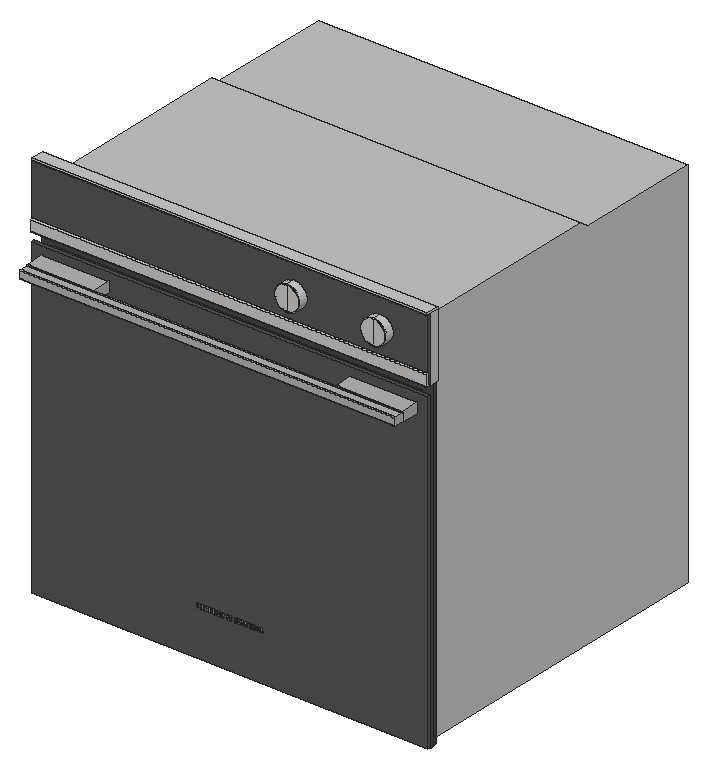
Revit family "FP-Revit18-OB60SD9PX2-Oven-0-AU-90002668A", category Specialty Equipment, Revit 2018
Family settings
  Round Connector Dimension = Use Diameter
  Part Type = Normal
  OmniClass Number = 23.40.40.14.17.11
  OmniClass Title = Cookers, Ovens, Stoves
  Work Plane-Based = No
  Always vertical = Yes
  Cut with Voids When Loaded = Yes
  Shared = No
  Room Calculation Point = No
Parameters (values of type "OB60SD9PX2")
  Visibility - Clearance Required = yes
  URL = "www.fisherpaykel.com"
  Product - Width = 596 mm  # constant formula
  Product - Height = 598 mm  # constant formula
  Product - Depth = 565 mm  # constant formula
  Model = "OB60SD9PX2"
  Material - Trim = Fisher & Paykel - Stainless Steel
  Material - Structure = Fisher & Paykel - Black
  Material - Logo = Fisher & Paykel - Graphics Grey
  Material - Handle = Fisher & Paykel - Aluminium
  Material - Glass = Fisher & Paykel - Glass, Black
  Material - Buttons and Dials = Fisher & Paykel - Stainless Steel
  Material - Body = Fisher & Paykel - Grey
  Manufacturer = "Fisher & Paykel Appliances"
  FFL Offset [instance] = 200 mm
  Description = "60cm Built-In Oven"
  Connector Note - Electrical = "220-240 V, 12.8-13.8 A, 50 Hz"
  Chassis - Width = 556 mm  # constant formula
  Chassis - Height = 575 mm  # constant formula
  Chassis - Depth = 545 mm  # constant formula
  Cavity - Width = 560 mm  # constant formula
  Cavity - Height = 580 mm  # constant formula
  Cavity - Depth = 550 mm  # constant formula
Reference planes
  plane 1 "Datum": y = 0
  plane 2: z = 0
  plane 3 "Center (Left/Right)": x = 0
  plane 4 "Cavity": z = 780
  plane 5 "Product Height": z = 798
  plane 6 "Product LHS": x = -298
  plane 7 "Product RHS": x = 298
  plane 8 "Cavity LHS": x = -300
  plane 9 "Cavity RHS": x = 300
  plane 10 "Cavity - Depth": y = 550
  plane 11 "Product Depth": y = 545
  plane 12 "Front Face": y = -20
  plane 13 "FFL Offset": z = 200
  plane 14 "Cavity Height": z = 800
Forms (mm)
  Extrusion 1, solid, material "Fisher & Paykel - Grey" <- "Material - Body"
    sketch origin (0, 0, 0) x (0, 1, 0) y (0, 0, 1)
      loop
        line (0, 200) -> (525, 200) -> (525, 393.99) -> (545, 413.99) -> (545, 609.73) -> (495, 659.73) -> (495, 764.6) -> (307.721, 764.6) -> (293.958, 775) -> (0, 775) -> (0, 200)
    from -278 to 278
  Extrusion 2, void
    sketch origin (0, 0, 0) x (1, 0, 0) y (0, 1, 0)
      loop
        line (-278, 495) -> (-229.13, 495) -> (-179.13, 545) -> (-278, 545) -> (-278, 495)
      loop
        line (278, 495) -> (278, 545) -> (94.617, 545) -> (114.617, 525) -> (199.13, 525) -> (229.13, 495) -> (278, 495)
    from 200 to 764.6
  Extrusion 3, solid, material "Fisher & Paykel - Stainless Steel" <- "Material - Trim"
    sketch origin (0, 0, 0) x (0, 1, 0) y (0, 0, 1)
      loop
        line (0, 798) -> (-20.5, 798) -> (-20.5, 795.1) -> (0, 795.1) -> (0, 798)
    from -297.7 to 297.7
  Extrusion 4, solid, material "Fisher & Paykel - Grey" <- "Material - Body"
    sketch origin (0, 0, 0) x (0, 1, 0) y (0, 0, 1)
      loop
        line (-16, 795.1) -> (-16, 698) -> (0, 698) -> (0, 795.1) -> (-16, 795.1)
    from -297.7 to 297.7
  Extrusion 5, solid, material "Fisher & Paykel - Glass, Black" <- "Material - Glass"
    sketch origin (0, 0, 0) x (1, 0, 0) y (0, 0, 1)
      loop
        line (-298, 685.199) -> (-298, 210.2) -> (298, 210.2) -> (298, 685.199) -> (-298, 685.199)
      loop
        line (-298, 699.5) -> (298, 699.5) -> (298, 794.5) -> (-298, 794.5) -> (-298, 699.5)
    from 16 to 20
  Extrusion 6, solid, material "Fisher & Paykel - Black" <- "Material - Structure"
    sketch origin (0, 0, 0) x (0, 1, 0) y (0, 0, 1)
      loop
        line (-13.8, 683.7) -> (-16, 683.7) -> (-16, 224.7) -> (-5, 224.7) -> (-5, 680.497) -> (-13.8, 683.7)
    from -277 to 277
  Extrusion 7, solid, material "Fisher & Paykel - Black" <- "Material - Structure"
    sketch origin (0, 0, 0) x (1, 0, 0) y (0, 0, 1)
      loop
        line (-295, 698) -> (-295, 209.536)
        arc (-295, 209.536) -> (-292.207, 202.793) -> (-285.464, 200) r 9.536
        line (-285.464, 200) -> (285.5, 200)
        arc (285.5, 200) -> (292.218, 202.782) -> (295, 209.5) r 9.5
        line (295, 209.5) -> (295, 698) -> (-295, 698)
    from 0 to 5
  Extrusion 8, solid, material "Fisher & Paykel - Clearance Required", visible <- "Visibility - Clearance Required", detail levels coarse
    sketch origin (0, 0, 0) x (0, 1, 0) y (0, 0, 1)
      loop
        line (0, 800) -> (-20, 800) -> (-20, 685.209)
        arc (-20, 685.209) -> (-337.933, 557.68) -> (-479.244, 245.63) r 459.403
        line (-479.244, 245.63) -> (-453.189, 243.685) -> (-456.314, 201.82) -> (-440.353, 200.629) -> (-437.21, 242.732) -> (-20, 211.593) -> (-20, 200) -> (0, 200) -> (0, 800)
    from -300 to 300
  Extrusion 9, solid, material "Fisher & Paykel - Clearance Required", visible <- "Visibility - Clearance Required", detail levels coarse
    sketch origin (0, 0, 0) x (1, 0, 0) y (0, 1, 0)
      loop
        line (-280, 0) -> (280, 0) -> (280, 550) -> (-280, 550) -> (-280, 0)
    from 200 to 780
  Extrusion 10, void
    sketch origin (0, 0, 0) x (1, 0, 0) y (0, 1, 0)
      loop
        line (-300, -20) -> (300, -20) -> (300, 0) -> (-300, 0) -> (-300, -20)
    from 200 to 800
  Extrusion 11, solid, material "Fisher & Paykel - Stainless Steel" <- "Material - Trim", detail levels fine
    sketch origin (0, 0, 0) x (0, 1, 0) y (0, 0, 1)
      loop
        line (-21.7, 715.595) -> (-21.7, 699.2)
        arc (-21.7, 699.2) -> (-21.349, 698.351) -> (-20.5, 698) r 1.2
        line (-20.5, 698) -> (-17.526, 698) -> (-17.526, 699.5) -> (-20, 699.5) -> (-20, 717.643) -> (-20.789, 717.643) -> (-21.7, 715.595)
    from -298 to 298
  Extrusion 12, void
    sketch origin (0, 0, 0) x (1, 0, 0) y (0, 1, 0)
      loop
        line (-280, 550) -> (-280, 0) -> (280, 0) -> (280, 550) -> (-280, 550)
    from 200 to 780
  Extrusion 13, solid, material "Fisher & Paykel - Stainless Steel" <- "Material - Buttons and Dials", detail levels coarse+medium
    sketch origin (0, 0, 0) x (1, 0, 0) y (0, 0, 1)
      loop
        circle (227, 752.85) r 19
      loop
        circle (97, 752.85) r 19
    from 20 to 33.5
  Extrusion 14, solid, material "Fisher & Paykel - Aluminium" <- "Material - Handle", detail levels fine
    sketch origin (0, -21, 664.221) x (0, 1, 0) y (0, 0, 1)
      loop
        arc (-26.813, 6.16) -> (-27.196, 6.554) -> (-27.728, 6.686) r 1
        line (-27.728, 6.686) -> (-40.035, 6.256)
        arc (-40.035, 6.256) -> (-40.719, 5.951) -> (-41, 5.257) r 1
        line (-41, 5.257) -> (-41, -5.257)
        arc (-41, -5.257) -> (-40.719, -5.951) -> (-40.035, -6.256) r 1
        line (-40.035, -6.256) -> (-27.709, -6.686)
        arc (-27.709, -6.686) -> (-27.175, -6.554) -> (-26.792, -6.158) r 1
        arc (-26.792, -6.158) -> (-25.256, 0.004) -> (-26.813, 6.16) r 13.038
    from -282.5 to 282.5
  Extrusion 15, solid, material "Fisher & Paykel - Aluminium" <- "Material - Handle", detail levels fine
    sketch origin (0, -21, 664.221) x (0, 1, 0) y (0, 0, 1)
      loop
        arc (-26.626, -6.008) -> (-26.614, -6.49) -> (-26.2, -6.737) r 0.5
        line (-26.2, -6.737) -> (1, -7.732) -> (1, 7.741) -> (-26.174, 6.747)
        arc (-26.174, 6.747) -> (-26.587, 6.5) -> (-26.6, 6.019) r 0.5
        arc (-26.6, 6.019) -> (-25.156, 0.002) -> (-26.626, -6.008) r 13.136
    from 182.5 to 282.5
  Extrusion 16, solid, material "Fisher & Paykel - Aluminium" <- "Material - Handle", detail levels coarse+medium
    sketch origin (0, -21, 664.221) x (1, 0, 0) y (0, 1, 0)
      loop
        line (-282.5, -41) -> (282.5, -41) -> (282.5, 1) -> (182.5, 1) -> (182.5, -26.156) -> (-182.5, -26.156) -> (-182.5, 1) -> (-282.5, 1) -> (-282.5, -41)
    from -8.022 to 7.978
  Extrusion 17, solid, material "Fisher & Paykel - Aluminium" <- "Material - Handle", detail levels fine
    sketch origin (0, -21, 664.221) x (0, 1, 0) y (0, 0, 1)
      loop
        arc (-26.626, -6.008) -> (-26.614, -6.49) -> (-26.2, -6.737) r 0.5
        line (-26.2, -6.737) -> (1, -7.732) -> (1, 7.741) -> (-26.174, 6.747)
        arc (-26.174, 6.747) -> (-26.587, 6.5) -> (-26.6, 6.019) r 0.5
        arc (-26.6, 6.019) -> (-25.156, 0.002) -> (-26.626, -6.008) r 13.136
    from -282.5 to -182.5
  Extrusion 18, solid, material "Fisher & Paykel - Aluminium" <- "Material - Handle", not visible, detail levels fine
    sketch origin (0, -22, 652) x (0, 1, 0) y (0, 0, 1)
      loop
        arc (-26.813, 6.16) -> (-27.196, 6.554) -> (-27.728, 6.686) r 1
        line (-27.728, 6.686) -> (-40.035, 6.256)
        arc (-40.035, 6.256) -> (-40.719, 5.951) -> (-41, 5.257) r 1
        line (-41, 5.257) -> (-41, -5.257)
        arc (-41, -5.257) -> (-40.719, -5.951) -> (-40.035, -6.256) r 1
        line (-40.035, -6.256) -> (-27.709, -6.686)
        arc (-27.709, -6.686) -> (-27.175, -6.554) -> (-26.792, -6.158) r 1
        arc (-26.792, -6.158) -> (-25.256, 0.004) -> (-26.813, 6.16) r 13.038
    from -282.5 to 282.5
  Extrusion 19, solid, material "Fisher & Paykel - Aluminium" <- "Material - Handle", not visible, detail levels fine
    sketch origin (0, -22, 652) x (0, 1, 0) y (0, 0, 1)
      loop
        arc (-26.626, -6.008) -> (-26.614, -6.49) -> (-26.2, -6.737) r 0.5
        line (-26.2, -6.737) -> (1, -7.732) -> (1, 7.741) -> (-26.174, 6.747)
        arc (-26.174, 6.747) -> (-26.587, 6.5) -> (-26.6, 6.019) r 0.5
        arc (-26.6, 6.019) -> (-25.156, 0.002) -> (-26.626, -6.008) r 13.136
    from 182.5 to 282.5
  Extrusion 20, solid, material "Fisher & Paykel - Aluminium" <- "Material - Handle", not visible, detail levels coarse+medium
    sketch origin (0, -22, 652) x (1, 0, 0) y (0, 1, 0)
      loop
        line (-282.5, -41) -> (282.5, -41) -> (282.5, 1) -> (182.5, 1) -> (182.5, -26.156) -> (-182.5, -26.156) -> (-182.5, 1) -> (-282.5, 1) -> (-282.5, -41)
    from -8.022 to 7.978
  Extrusion 21, solid, material "Fisher & Paykel - Aluminium" <- "Material - Handle", not visible, detail levels fine
    sketch origin (0, -22, 652) x (0, 1, 0) y (0, 0, 1)
      loop
        arc (-26.626, -6.008) -> (-26.614, -6.49) -> (-26.2, -6.737) r 0.5
        line (-26.2, -6.737) -> (1, -7.732) -> (1, 7.741) -> (-26.174, 6.747)
        arc (-26.174, 6.747) -> (-26.587, 6.5) -> (-26.6, 6.019) r 0.5
        arc (-26.6, 6.019) -> (-25.156, 0.002) -> (-26.626, -6.008) r 13.136
    from -282.5 to -182.5
  Extrusion 22, solid, material "Fisher & Paykel - Graphics Grey" <- "Material - Logo", detail levels fine
    sketch origin (0, -20, 278.956) x (1, 0, 0) y (0, 0, 1)
      loop
        line (-49.544, 0) -> (-47.97, 0) -> (-47.97, 2.138) -> (-45.511, 2.138) -> (-45.511, 3.472) -> (-47.97, 3.472) -> (-47.97, 4.712) -> (-45.295, 4.712) -> (-45.295, 6.04) -> (-49.544, 6.04) -> (-49.544, 0)
      loop
        line (-42.304, 6.04) -> (-42.304, 0) -> (-40.73, 0) -> (-40.73, 6.04) -> (-42.304, 6.04)
      loop
        line (-30.224, 6.04) -> (-30.224, 0) -> (-28.651, 0) -> (-28.651, 2.42) -> (-26.339, 2.42) -> (-26.339, 0) -> (-24.765, 0) -> (-24.765, 6.04) -> (-26.339, 6.04) -> (-26.339, 3.748) -> (-28.651, 3.748) -> (-28.651, 6.04) -> (-30.224, 6.04)
      loop
        line (-21.406, 6.04) -> (-21.406, 0) -> (-17.102, 0) -> (-17.102, 1.328) -> (-19.847, 1.328) -> (-19.847, 2.42) -> (-17.338, 2.42) -> (-17.338, 3.748) -> (-19.847, 3.748) -> (-19.847, 4.712) -> (-17.102, 4.712) -> (-17.102, 6.04) -> (-21.406, 6.04)
      loop
        line (46.167, 6.04) -> (46.167, 0) -> (50.456, 0) -> (50.456, 1.328) -> (47.741, 1.328) -> (47.741, 6.04) -> (46.167, 6.04)
      loop
        line (42.931, 6.04) -> (38.612, 6.04) -> (38.612, 0) -> (42.931, 0) -> (42.931, 1.328) -> (40.187, 1.328) -> (40.187, 2.42) -> (42.695, 2.42) -> (42.695, 3.748) -> (40.187, 3.748) -> (40.187, 4.712) -> (42.931, 4.712) -> (42.931, 6.04)
      loop
        line (33.951, 3.148) -> (36.183, 6.04) -> (34.344, 6.04) -> (32.415, 3.542) -> (32.415, 6.04) -> (30.842, 6.04) -> (30.842, 0) -> (32.415, 0) -> (32.415, 2.705) -> (34.403, 0) -> (36.263, 0) -> (33.951, 3.148)
      loop
        line (22.48, 6.04) -> (24.762, 2.42) -> (24.762, 0) -> (26.337, 0) -> (26.337, 2.341) -> (28.619, 6.04) -> (26.946, 6.04) -> (25.599, 3.707) -> (24.253, 6.04) -> (22.48, 6.04)
      loop
        line (18.979, 6.04) -> (17.483, 6.04) -> (15.024, 0) -> (16.569, 0) -> (17.001, 1.112) -> (19.421, 1.112) -> (19.854, 0) -> (21.438, 0) -> (18.979, 6.04)
      loop
        line (18.9, 2.439) -> (18.193, 4.174) -> (17.518, 2.439) -> (18.9, 2.439)
      loop
        line (8.531, 6.04) -> (8.531, 0) -> (10.105, 0) -> (10.105, 1.938) -> (11.099, 1.938)
        arc (11.099, 1.938) -> (13.15, 3.989) -> (11.099, 6.04) r 2.051
        line (11.099, 6.04) -> (8.531, 6.04)
      loop
        line (10.105, 4.712) -> (10.105, 3.197) -> (11.001, 3.197)
        arc (11.001, 3.197) -> (11.759, 3.954) -> (11.001, 4.712) r 0.757
        line (11.001, 4.712) -> (10.105, 4.712)
      loop
        line (-11.283, 6.04) -> (-13.866, 6.04) -> (-13.866, 0) -> (-12.292, 0) -> (-12.292, 1.336) -> (-11.492, 1.336) -> (-10.472, 0) -> (-8.653, 0) -> (-10.194, 1.973)
        arc (-10.194, 1.973) -> (-9.178, 4.424) -> (-11.283, 6.04) r 2.179
      loop
        line (-11.397, 4.712) -> (-12.292, 4.712) -> (-12.292, 3.053) -> (-11.397, 3.053)
        arc (-11.397, 3.053) -> (-10.568, 3.882) -> (-11.397, 4.712) r 0.83
      loop
        line (0.977, 4.712) -> (0.977, 6.153) -> (-3.075, 6.153) -> (-3.075, 4.851) -> (-2.474, 4.112)
        arc (-2.474, 4.112) -> (-3.01, 0.684) -> (0.455, 0.512) r 2.334
        line (0.455, 0.512) -> (0.96, -0.109) -> (2.746, -0.109) -> (1.36, 1.594) -> (2.561, 3.324) -> (0.943, 3.324) -> (0.487, 2.667) -> (-1.177, 4.712) -> (0.977, 4.712)
      loop
        arc (-1.625, 3.068) -> (-1.769, 1.668) -> (-0.368, 1.524) r 0.996
        line (-0.368, 1.524) -> (-1.625, 3.068)
      loop
        line (-34.68, 3.634) -> (-36.016, 3.91)
        arc (-36.016, 3.91) -> (-36.549, 4.443) -> (-36.016, 4.976) r 0.533
        arc (-36.016, 4.976) -> (-34.735, 4.79) -> (-33.559, 4.248) r 4.505
        line (-33.559, 4.248) -> (-33.559, 5.743)
        arc (-33.559, 5.743) -> (-35.049, 6.179) -> (-36.6, 6.109) r 4.726
        arc (-36.6, 6.109) -> (-38.036, 4.335) -> (-36.6, 2.561) r 1.814
        line (-36.6, 2.561) -> (-35.254, 2.282)
        arc (-35.254, 2.282) -> (-34.721, 1.749) -> (-35.254, 1.216) r 0.533
        arc (-35.254, 1.216) -> (-36.535, 1.402) -> (-37.711, 1.945) r 4.505
        line (-37.711, 1.945) -> (-37.711, 0.449)
        arc (-37.711, 0.449) -> (-36.22, 0.013) -> (-34.669, 0.083) r 4.726
        arc (-34.669, 0.083) -> (-33.234, 1.863) -> (-34.68, 3.634) r 1.814
    from 0 to 0.8
  Extrusion 23, solid, material "Fisher & Paykel - Grey" <- "Material - Body"
    sketch origin (154.861, 0, 0) x (0, 1, 0) y (0, 0, 1)
      loop
        circle (504.5, 703) r 4
    from -410 to -372.861
  Extrusion 24, solid, material "Fisher & Paykel - Grey" <- "Material - Body"
    sketch origin (154.861, 0, 0) x (0, 1, 0) y (0, 0, 1)
      loop
        line (495, 683) -> (514, 683) -> (514, 736) -> (495, 736) -> (495, 683)
    from -372.861 to -289.861
  Revolve 25, solid, material "Fisher & Paykel - Stainless Steel" <- "Material - Buttons and Dials", detail levels fine
    sketch origin (97, 0, 0) x (0, 1, 0) y (0, 0, 1)
      loop
        line (-33.5, 752.85) -> (-20, 752.85) -> (-20, 771.647) -> (-32.852, 771.647) -> (-33.5, 771) -> (-33.5, 752.85)
      axis (-20, 752.85) -> (-33.5, 752.85)
    angle from 0 to 360
  Revolve 26, solid, material "Fisher & Paykel - Stainless Steel" <- "Material - Buttons and Dials", detail levels fine
    sketch origin (227, 0, 0) x (0, 1, 0) y (0, 0, 1)
      loop
        line (-33.5, 752.85) -> (-20, 752.85) -> (-20, 771.647) -> (-32.852, 771.647) -> (-33.5, 771) -> (-33.5, 752.85)
      axis (-20, 752.85) -> (-33.5, 752.85)
    angle from 0 to 360
Cuts and joins
  Extrusion 2 cuts Extrusion 1
Lines and regions (mm)
  model lines, style "Fisher & Paykel"
    curve 1: line (217, -20, 334) -> (-217, -20, 334)
    curve 2: line (217, -20, 617.236) -> (217, -20, 334)
    curve 3: line (-217, -20, 617.236) -> (217, -20, 617.236)
    curve 4: line (-217, -20, 334) -> (-217, -20, 617.236)
Text (mm)
  text "Due to ongoing product development, product details are subject to change without notice. \nPlease always refer to www.fisherpaykel.com for the most current product information. \n© Fisher & Paykel 2020" at (40.64, -604.808, 0), in view "Ref. Level (Plan)"
Dimensions and locks
  equal spacing: plane 6 "Product LHS", plane 3 "Center (Left/Right)", plane 7 "Product RHS"
  "Product - Width": plane 6 "Product LHS" to plane 7 "Product RHS"
  equal spacing: plane 8 "Cavity LHS", plane 3 "Center (Left/Right)", plane 9 "Cavity RHS"
  "Cavity - Depth": plane 10 "Cavity - Depth" to plane 1 "Datum"
  "Chassis - Depth": plane 11 "Product Depth" to plane 1 "Datum"
  plane 12 "Front Face" to plane 1 "Datum" = 20 mm
  "Product - Depth": plane 11 "Product Depth" to plane 12 "Front Face"
  "FFL Offset": plane 13 "FFL Offset" to level
  "Product - Height": plane 5 "Product Height" to plane 13 "FFL Offset"
  "Cavity - Height": plane 4 "Cavity" to plane 13 "FFL Offset"
  Extrusion 5 to plane 13 "FFL Offset" = 10.2 mm
  Extrusion 6 to plane 13 "FFL Offset" = 24.7 mm
  locked: plane 5 "Product Height" to cut or joined group of Extrusion 1, Extrusion 2 at 33.4
  locked: plane 14 "Cavity Height" to plane 13 "FFL Offset" at 600
  locked: Extrusion 22 to plane 13 "FFL Offset" at 78.847
  equal spacing: Extrusion 9, plane 3 "Center (Left/Right)", Extrusion 9
  "Cavity - Width": Extrusion 9 to Extrusion 9
  "Chassis - Width": cut or joined group of Extrusion 1, Extrusion 2 to cut or joined group of Extrusion 1, Extrusion 2
  locked: Extrusion 16 to plane 13 "FFL Offset" at 472.199
  equal spacing: cut or joined group of Extrusion 1, Extrusion 2, plane 3 "Center (Left/Right)", cut or joined group of Extrusion 1, Extrusion 2
  aligned and locked: level to plane 2
  aligned and locked: Extrusion 1 sketch curve to plane 13 "FFL Offset"
  aligned and locked: Extrusion 1 to Extrusion 2
  aligned and locked: Extrusion 2 to Extrusion 1
  aligned and locked: plane 13 "FFL Offset" to Extrusion 8 sketch curve
  aligned and locked: plane 13 "FFL Offset" to Extrusion 7 sketch curve
  aligned and locked: Extrusion 12 to cut or joined group of Extrusion 1, Extrusion 2
  aligned and locked: plane 4 "Cavity" to Extrusion 12
  aligned and locked: plane 4 "Cavity" to Extrusion 9
  aligned and locked: Extrusion 9 to cut or joined group of Extrusion 1, Extrusion 2
  aligned and locked: Extrusion 10 to cut or joined group of Extrusion 1, Extrusion 2
  aligned and locked: Extrusion 10 to Extrusion 7
  aligned and locked: plane 14 "Cavity Height" to Extrusion 10
  aligned and locked: Extrusion 12 to Extrusion 9  (x2)
Automatic sketch dimensions
  Extrusion 14 sketch curve to Extrusion 14 sketch curve = 0.965 mm  (x2)
  Extrusion 14 sketch curve to Extrusion 14 sketch curve = 0.035 mm  (x4)
  Extrusion 14 sketch curve to Extrusion 14 sketch curve = 1.706 mm
  Extrusion 14 sketch curve to Extrusion 14 sketch curve = 12.307 mm
  Extrusion 14 sketch curve to Extrusion 14 sketch curve = 12.326 mm
  Extrusion 14 sketch curve to Extrusion 14 sketch curve = 0.999 mm  (x2)
  Extrusion 14 sketch curve to Extrusion 14 sketch curve = 5.238 mm
  Extrusion 14 sketch curve to Extrusion 14 sketch curve = 0 mm
  Extrusion 15 sketch curve to Extrusion 15 sketch curve = 12.091 mm
  Extrusion 15 sketch curve to Extrusion 15 sketch curve = 0.018 mm  (x2)
  Extrusion 15 sketch curve to Extrusion 15 sketch curve = 0.008 mm
  Extrusion 15 sketch curve to Extrusion 15 sketch curve = 27.174 mm
  Extrusion 15 sketch curve to Extrusion 15 sketch curve = 15.473 mm
  Extrusion 15 sketch curve to Extrusion 15 sketch curve = 0.5 mm  (x2)
  Extrusion 15 sketch curve to Extrusion 15 sketch curve = 0 mm
  Extrusion 16 sketch curve to Extrusion 16 sketch curve = 14.844 mm
  Extrusion 16 sketch curve to Extrusion 16 sketch curve = 27.156 mm  (x2)
  Extrusion 17 sketch curve to Extrusion 17 sketch curve = 12.091 mm
  Extrusion 17 sketch curve to Extrusion 17 sketch curve = 0.018 mm  (x2)
  Extrusion 17 sketch curve to Extrusion 17 sketch curve = 0.008 mm
  Extrusion 17 sketch curve to Extrusion 17 sketch curve = 27.174 mm
  Extrusion 17 sketch curve to Extrusion 17 sketch curve = 15.473 mm
  Extrusion 17 sketch curve to Extrusion 17 sketch curve = 0.5 mm  (x2)
  Extrusion 17 sketch curve to Extrusion 17 sketch curve = 0 mm
  Extrusion 14 sketch curve to Extrusion 14 sketch curve = 0.43 mm
  Extrusion 14 sketch curve to Extrusion 14 sketch curve = 5.275 mm
  Extrusion 14 sketch curve to Extrusion 14 sketch curve = 11.374 mm
  Extrusion 15 sketch curve to Extrusion 15 sketch curve = 0.995 mm
  Extrusion 15 sketch curve to Extrusion 15 sketch curve = 6.268 mm
  Extrusion 15 sketch curve to Extrusion 15 sketch curve = 12.255 mm
  Extrusion 16 sketch curve to Extrusion 16 sketch curve = 100 mm  (x2)
  Extrusion 16 sketch curve to Extrusion 16 sketch curve = 365 mm
  Extrusion 17 sketch curve to Extrusion 17 sketch curve = 0.995 mm
  Extrusion 17 sketch curve to Extrusion 17 sketch curve = 6.268 mm
  Extrusion 17 sketch curve to Extrusion 17 sketch curve = 12.255 mm
  Extrusion 18 sketch curve to Extrusion 18 sketch curve = 0.965 mm  (x2)
  Extrusion 18 sketch curve to Extrusion 18 sketch curve = 0.035 mm  (x4)
  Extrusion 18 sketch curve to Extrusion 18 sketch curve = 1.706 mm
  Extrusion 18 sketch curve to Extrusion 18 sketch curve = 12.307 mm
  Extrusion 18 sketch curve to Extrusion 18 sketch curve = 12.326 mm
  Extrusion 18 sketch curve to Extrusion 18 sketch curve = 0.999 mm  (x2)
  Extrusion 18 sketch curve to Extrusion 18 sketch curve = 5.238 mm
  Extrusion 18 sketch curve to Extrusion 18 sketch curve = 0 mm
  Extrusion 19 sketch curve to Extrusion 19 sketch curve = 12.091 mm
  Extrusion 19 sketch curve to Extrusion 19 sketch curve = 0.018 mm  (x2)
  Extrusion 19 sketch curve to Extrusion 19 sketch curve = 0.008 mm
  Extrusion 19 sketch curve to Extrusion 19 sketch curve = 27.174 mm
  Extrusion 19 sketch curve to Extrusion 19 sketch curve = 15.473 mm
  Extrusion 19 sketch curve to Extrusion 19 sketch curve = 0.5 mm  (x2)
  Extrusion 19 sketch curve to Extrusion 19 sketch curve = 0 mm
  Extrusion 20 sketch curve to Extrusion 20 sketch curve = 14.844 mm
  Extrusion 20 sketch curve to Extrusion 20 sketch curve = 27.156 mm  (x2)
  Extrusion 21 sketch curve to Extrusion 21 sketch curve = 12.091 mm
  Extrusion 21 sketch curve to Extrusion 21 sketch curve = 0.018 mm  (x2)
  Extrusion 21 sketch curve to Extrusion 21 sketch curve = 0.008 mm
  Extrusion 21 sketch curve to Extrusion 21 sketch curve = 27.174 mm
  Extrusion 21 sketch curve to Extrusion 21 sketch curve = 15.473 mm
  Extrusion 21 sketch curve to Extrusion 21 sketch curve = 0.5 mm  (x2)
  Extrusion 21 sketch curve to Extrusion 21 sketch curve = 0 mm
  Extrusion 18 sketch curve to Extrusion 18 sketch curve = 0.43 mm
  Extrusion 18 sketch curve to Extrusion 18 sketch curve = 5.275 mm
  Extrusion 18 sketch curve to Extrusion 18 sketch curve = 11.374 mm
  Extrusion 19 sketch curve to Extrusion 19 sketch curve = 0.995 mm
  Extrusion 19 sketch curve to Extrusion 19 sketch curve = 6.268 mm
  Extrusion 19 sketch curve to Extrusion 19 sketch curve = 12.255 mm
  Extrusion 20 sketch curve to Extrusion 20 sketch curve = 100 mm  (x2)
  Extrusion 20 sketch curve to Extrusion 20 sketch curve = 365 mm
  Extrusion 21 sketch curve to Extrusion 21 sketch curve = 0.995 mm
  Extrusion 21 sketch curve to Extrusion 21 sketch curve = 6.268 mm
  Extrusion 21 sketch curve to Extrusion 21 sketch curve = 12.255 mm
  Extrusion 1 sketch curve to plane 1 "Datum" = 0 mm
  Extrusion 1 sketch curve to plane 11 "Product Depth" = 0 mm
  Extrusion 1 sketch curve to plane 4 "Cavity" = 5 mm
  Extrusion 1 sketch curve to plane 11 "Product Depth" = 251.042 mm
  Extrusion 1 sketch curve to Extrusion 1 sketch curve = 13.762 mm
  Extrusion 1 sketch curve to plane 4 "Cavity" = 15.4 mm
  Extrusion 1 sketch curve to plane 11 "Product Depth" = 50 mm
  Extrusion 1 sketch curve to plane 11 "Product Depth" = 20 mm
  Extrusion 1 sketch curve to Extrusion 1 sketch curve = 193.99 mm
  Extrusion 1 sketch curve to Extrusion 1 sketch curve = 20 mm
  Extrusion 1 sketch curve to Extrusion 1 sketch curve = 154.87 mm
  Extrusion 1 sketch curve to Extrusion 1 sketch curve = 50 mm
  Extrusion 2 sketch curve to plane 11 "Product Depth" = 0 mm  (x2)
  Extrusion 2 sketch curve to plane 6 "Product LHS" = 20 mm
  Extrusion 2 sketch curve to Extrusion 2 sketch curve = 48.87 mm
  Extrusion 2 sketch curve to Extrusion 2 sketch curve = 50 mm  (x3)
  plane 3 "Center (Left/Right)" to Extrusion 2 sketch curve = 94.617 mm
  Extrusion 2 sketch curve to Extrusion 2 sketch curve = 20 mm
  Extrusion 2 sketch curve to plane 11 "Product Depth" = 20 mm
  Extrusion 2 sketch curve to Extrusion 2 sketch curve = 84.513 mm
  Extrusion 2 sketch curve to Extrusion 2 sketch curve = 30 mm
  plane 7 "Product RHS" to Extrusion 2 sketch curve = 20 mm
  Extrusion 3 sketch curve to plane 1 "Datum" = 0 mm
  Extrusion 3 sketch curve to plane 12 "Front Face" = 0.5 mm
  Extrusion 3 sketch curve to plane 5 "Product Height" = 2.9 mm
  plane 5 "Product Height" to Extrusion 3 sketch curve = 0 mm
  Extrusion 4 sketch curve to plane 1 "Datum" = 0 mm
  plane 12 "Front Face" to Extrusion 4 sketch curve = 4 mm
  Extrusion 4 sketch curve to plane 4 "Cavity" = 82 mm
  Extrusion 4 sketch curve to plane 5 "Product Height" = 2.9 mm
  plane 6 "Product LHS" to Extrusion 5 sketch curve = 0 mm  (x2)
  plane 7 "Product RHS" to Extrusion 5 sketch curve = 0 mm  (x2)
  plane 13 "FFL Offset" to Extrusion 5 sketch curve = 10.2 mm
  Extrusion 5 sketch curve to plane 4 "Cavity" = 94.801 mm
  Extrusion 5 sketch curve to Extrusion 5 sketch curve = 14.301 mm
  Extrusion 5 sketch curve to plane 5 "Product Height" = 3.5 mm
  plane 12 "Front Face" to Extrusion 6 sketch curve = 4 mm
  Extrusion 6 sketch curve to Extrusion 6 sketch curve = 2.2 mm
  plane 1 "Datum" to Extrusion 6 sketch curve = 5 mm
  plane 13 "FFL Offset" to Extrusion 6 sketch curve = 24.7 mm
  Extrusion 6 sketch curve to plane 4 "Cavity" = 99.503 mm
  Extrusion 6 sketch curve to Extrusion 6 sketch curve = 3.203 mm
  Extrusion 7 sketch curve to plane 6 "Product LHS" = 3 mm
  Extrusion 7 sketch curve to Extrusion 7 sketch curve = 9.536 mm
  plane 7 "Product RHS" to Extrusion 7 sketch curve = 12.5 mm
  plane 7 "Product RHS" to Extrusion 7 sketch curve = 3 mm
  Extrusion 7 sketch curve to plane 4 "Cavity" = 82 mm
  Extrusion 8 sketch curve to plane 14 "Cavity Height" = 0 mm
  Extrusion 8 sketch curve to plane 1 "Datum" = 0 mm
  Extrusion 8 sketch curve to plane 12 "Front Face" = 0.269 mm
  Extrusion 8 sketch curve to plane 12 "Front Face" = 0 mm  (x2)
  plane 13 "FFL Offset" to Extrusion 8 sketch curve = 42.732 mm
  Extrusion 8 sketch curve to Extrusion 8 sketch curve = 417.21 mm
  plane 13 "FFL Offset" to Extrusion 8 sketch curve = 0.629 mm
  plane 13 "FFL Offset" to Extrusion 8 sketch curve = 43.685 mm
  Extrusion 8 sketch curve to Extrusion 8 sketch curve = 15.979 mm
  plane 13 "FFL Offset" to Extrusion 8 sketch curve = 45.63 mm
  Extrusion 8 sketch curve to Extrusion 8 sketch curve = 14.213 mm
  Extrusion 9 sketch curve to plane 10 "Cavity - Depth" = 0 mm
  plane 1 "Datum" to Extrusion 9 sketch curve = 0 mm
  Extrusion 9 sketch curve to plane 6 "Product LHS" = 18 mm
  plane 7 "Product RHS" to Extrusion 9 sketch curve = 18 mm
  plane 1 "Datum" to Extrusion 10 sketch curve = 0 mm
  Extrusion 10 sketch curve to plane 8 "Cavity LHS" = 0 mm
  Extrusion 10 sketch curve to plane 9 "Cavity RHS" = 0 mm
  Extrusion 10 sketch curve to plane 12 "Front Face" = 0 mm
  Extrusion 11 sketch curve to plane 12 "Front Face" = 0 mm
  Extrusion 11 sketch curve to plane 12 "Front Face" = 0.5 mm
  Extrusion 11 sketch curve to Extrusion 11 sketch curve = 0.789 mm
  Extrusion 11 sketch curve to plane 12 "Front Face" = 1.7 mm
  plane 12 "Front Face" to Extrusion 11 sketch curve = 2.474 mm
  Extrusion 11 sketch curve to plane 4 "Cavity" = 82 mm
  Extrusion 11 sketch curve to Extrusion 11 sketch curve = 1.5 mm
  Extrusion 11 sketch curve to Extrusion 11 sketch curve = 16.095 mm
  Extrusion 11 sketch curve to Extrusion 11 sketch curve = 2.048 mm
  plane 1 "Datum" to Extrusion 12 sketch curve = 0 mm
  Extrusion 12 sketch curve to plane 10 "Cavity - Depth" = 0 mm
  Extrusion 12 sketch curve to plane 6 "Product LHS" = 18 mm
  plane 7 "Product RHS" to Extrusion 12 sketch curve = 18 mm
  Extrusion 13 sketch curve to plane 4 "Cavity" = 27.15 mm  (x2)
  plane 3 "Center (Left/Right)" to Extrusion 13 sketch curve = 97 mm
  plane 7 "Product RHS" to Extrusion 13 sketch curve = 71 mm
  Extrusion 22 sketch curve to plane 3 "Center (Left/Right)" = 49.544 mm
  Extrusion 22 sketch curve to Extrusion 22 sketch curve = 1.574 mm  (x12)
  Extrusion 22 sketch curve to Extrusion 22 sketch curve = 2.459 mm
  Extrusion 22 sketch curve to Extrusion 22 sketch curve = 0.216 mm
  Extrusion 22 sketch curve to Extrusion 22 sketch curve = 3.207 mm
  Extrusion 22 sketch curve to Extrusion 22 sketch curve = 3.02 mm
  Extrusion 22 sketch curve to Extrusion 22 sketch curve = 1.11 mm
  Extrusion 22 sketch curve to Extrusion 22 sketch curve = 0.379 mm
  Extrusion 22 sketch curve to Extrusion 22 sketch curve = 0.206 mm  (x2)
  Extrusion 22 sketch curve to Extrusion 22 sketch curve = 0.36 mm  (x2)
  Extrusion 22 sketch curve to Extrusion 22 sketch curve = 0.402 mm
  Extrusion 22 sketch curve to Extrusion 22 sketch curve = 0 mm  (x21)
  Extrusion 22 sketch curve to Extrusion 22 sketch curve = 1.335 mm  (x2)
  Extrusion 22 sketch curve to Extrusion 22 sketch curve = 1.121 mm
  Extrusion 22 sketch curve to Extrusion 22 sketch curve = 3.335 mm
  Extrusion 22 sketch curve to Extrusion 22 sketch curve = 2.312 mm  (x2)
  Extrusion 22 sketch curve to Extrusion 22 sketch curve = 3.359 mm
  Extrusion 22 sketch curve to Extrusion 22 sketch curve = 1.559 mm
  Extrusion 22 sketch curve to Extrusion 22 sketch curve = 2.508 mm  (x2)
  Extrusion 22 sketch curve to Extrusion 22 sketch curve = 0.236 mm  (x4)
  Extrusion 22 sketch curve to Extrusion 22 sketch curve = 3.236 mm  (x2)
  Extrusion 22 sketch curve to Extrusion 22 sketch curve = 0.8 mm
  Extrusion 22 sketch curve to Extrusion 22 sketch curve = 0.895 mm
  Extrusion 22 sketch curve to Extrusion 22 sketch curve = 0.114 mm
  Extrusion 22 sketch curve to Extrusion 22 sketch curve = 1.02 mm
  Extrusion 22 sketch curve to Extrusion 22 sketch curve = 1.298 mm
  Extrusion 22 sketch curve to Extrusion 22 sketch curve = 1.82 mm
  Extrusion 22 sketch curve to plane 3 "Center (Left/Right)" = 3.075 mm
  Extrusion 22 sketch curve to Extrusion 22 sketch curve = 0.602 mm
  Extrusion 22 sketch curve to Extrusion 22 sketch curve = 0.849 mm
  Extrusion 22 sketch curve to Extrusion 22 sketch curve = 0.425 mm
  Extrusion 22 sketch curve to plane 3 "Center (Left/Right)" = 1.177 mm
  Extrusion 22 sketch curve to Extrusion 22 sketch curve = 0.203 mm
  Extrusion 22 sketch curve to plane 3 "Center (Left/Right)" = 0.368 mm
  plane 3 "Center (Left/Right)" to Extrusion 22 sketch curve = 0.455 mm
  plane 3 "Center (Left/Right)" to Extrusion 22 sketch curve = 0.487 mm
  Extrusion 22 sketch curve to Extrusion 22 sketch curve = 0.456 mm
  Extrusion 22 sketch curve to Extrusion 22 sketch curve = 0.505 mm
  plane 3 "Center (Left/Right)" to Extrusion 22 sketch curve = 0.977 mm
  plane 3 "Center (Left/Right)" to Extrusion 22 sketch curve = 1.36 mm
  Extrusion 22 sketch curve to Extrusion 22 sketch curve = 1.618 mm
  Extrusion 22 sketch curve to Extrusion 22 sketch curve = 1.785 mm
  Extrusion 22 sketch curve to Extrusion 22 sketch curve = 5.971 mm
  Extrusion 22 sketch curve to Extrusion 22 sketch curve = 0.896 mm
  Extrusion 22 sketch curve to Extrusion 22 sketch curve = 0.994 mm
  Extrusion 22 sketch curve to Extrusion 22 sketch curve = 3.925 mm
  Extrusion 22 sketch curve to Extrusion 22 sketch curve = 1.545 mm
  Extrusion 22 sketch curve to Extrusion 22 sketch curve = 0.433 mm  (x2)
  Extrusion 22 sketch curve to Extrusion 22 sketch curve = 0.482 mm
  Extrusion 22 sketch curve to Extrusion 22 sketch curve = 0.517 mm
  Extrusion 22 sketch curve to Extrusion 22 sketch curve = 0.675 mm
  Extrusion 22 sketch curve to Extrusion 22 sketch curve = 1.381 mm
  Extrusion 22 sketch curve to Extrusion 22 sketch curve = 1.495 mm
  Extrusion 22 sketch curve to Extrusion 22 sketch curve = 0.522 mm
  Extrusion 22 sketch curve to Extrusion 22 sketch curve = 1.584 mm
  Extrusion 22 sketch curve to Extrusion 22 sketch curve = 3.502 mm
  Extrusion 22 sketch curve to Extrusion 22 sketch curve = 1.772 mm
  Extrusion 22 sketch curve to Extrusion 22 sketch curve = 0.51 mm
  Extrusion 22 sketch curve to Extrusion 22 sketch curve = 0.837 mm
  Extrusion 22 sketch curve to Extrusion 22 sketch curve = 0.737 mm
  Extrusion 22 sketch curve to Extrusion 22 sketch curve = 2.694 mm
  Extrusion 22 sketch curve to Extrusion 22 sketch curve = 1.673 mm
  Extrusion 22 sketch curve to Extrusion 22 sketch curve = 2.223 mm
  Extrusion 22 sketch curve to Extrusion 22 sketch curve = 1.535 mm
  Extrusion 22 sketch curve to Extrusion 22 sketch curve = 1.928 mm
  Extrusion 22 sketch curve to Extrusion 22 sketch curve = 1.987 mm
  Extrusion 22 sketch curve to Extrusion 22 sketch curve = 1.839 mm
  Extrusion 22 sketch curve to Extrusion 22 sketch curve = 1.86 mm
  Extrusion 22 sketch curve to Extrusion 22 sketch curve = 2.429 mm
  Extrusion 22 sketch curve to Extrusion 22 sketch curve = 2.715 mm
  plane 13 "FFL Offset" to Extrusion 22 sketch curve = 78.847 mm
  Extrusion 22 sketch curve to Extrusion 22 sketch curve = 0.109 mm  (x5)
  Extrusion 22 sketch curve to Extrusion 22 sketch curve = 0.449 mm
  Extrusion 22 sketch curve to Extrusion 22 sketch curve = 0.023 mm
  Extrusion 22 sketch curve to Extrusion 22 sketch curve = 0.621 mm
  Extrusion 22 sketch curve to Extrusion 22 sketch curve = 1.112 mm
  Extrusion 22 sketch curve to Extrusion 22 sketch curve = 1.328 mm  (x10)
  Extrusion 22 sketch curve to Extrusion 22 sketch curve = 1.336 mm
  Extrusion 22 sketch curve to Extrusion 22 sketch curve = 1.015 mm
  Extrusion 22 sketch curve to Extrusion 22 sketch curve = 1.012 mm
  Extrusion 22 sketch curve to Extrusion 22 sketch curve = 1.082 mm
  Extrusion 22 sketch curve to Extrusion 22 sketch curve = 0.262 mm  (x2)
  Extrusion 22 sketch curve to Extrusion 22 sketch curve = 1.938 mm
  Extrusion 22 sketch curve to Extrusion 22 sketch curve = 1.496 mm  (x2)
  Extrusion 22 sketch curve to Extrusion 22 sketch curve = 0.637 mm
  Extrusion 22 sketch curve to Extrusion 22 sketch curve = 2.138 mm
  Extrusion 22 sketch curve to Extrusion 22 sketch curve = 0.632 mm
  Extrusion 22 sketch curve to Extrusion 22 sketch curve = 0.424 mm  (x2)
  Extrusion 22 sketch curve to Extrusion 22 sketch curve = 0.14 mm
  Extrusion 22 sketch curve to Extrusion 22 sketch curve = 2.341 mm
  Extrusion 22 sketch curve to Extrusion 22 sketch curve = 1.092 mm  (x2)
  Extrusion 22 sketch curve to Extrusion 22 sketch curve = 2.42 mm
  Extrusion 22 sketch curve to Extrusion 22 sketch curve = 0.079 mm
  Extrusion 22 sketch curve to Extrusion 22 sketch curve = 0.616 mm
  Extrusion 22 sketch curve to Extrusion 22 sketch curve = 1.073 mm
  Extrusion 22 sketch curve to Extrusion 22 sketch curve = 2.705 mm
  Extrusion 22 sketch curve to Extrusion 22 sketch curve = 1.716 mm
  Extrusion 22 sketch curve to Extrusion 22 sketch curve = 0.442 mm
  Extrusion 22 sketch curve to Extrusion 22 sketch curve = 1.259 mm
  Extrusion 22 sketch curve to Extrusion 22 sketch curve = 1.73 mm
  Extrusion 22 sketch curve to Extrusion 22 sketch curve = 0.836 mm
  Extrusion 22 sketch curve to Extrusion 22 sketch curve = 1.352 mm
  Extrusion 22 sketch curve to Extrusion 22 sketch curve = 1.287 mm
  Extrusion 22 sketch curve to Extrusion 22 sketch curve = 0.808 mm
  Extrusion 22 sketch curve to Extrusion 22 sketch curve = 0.022 mm
  Extrusion 22 sketch curve to Extrusion 22 sketch curve = 0.276 mm
  Extrusion 22 sketch curve to Extrusion 22 sketch curve = 0.757 mm
  Extrusion 22 sketch curve to Extrusion 22 sketch curve = 0.034 mm
  Extrusion 22 sketch curve to Extrusion 22 sketch curve = 1.735 mm
  Extrusion 22 sketch curve to Extrusion 22 sketch curve = 0.614 mm
  Extrusion 22 sketch curve to Extrusion 22 sketch curve = 0.6 mm
  Extrusion 22 sketch curve to Extrusion 22 sketch curve = 0.964 mm  (x2)
  Extrusion 22 sketch curve to Extrusion 22 sketch curve = 1.24 mm
  Extrusion 22 sketch curve to Extrusion 22 sketch curve = 0.739 mm
  Extrusion 22 sketch curve to Extrusion 22 sketch curve = 0.744 mm
  Extrusion 22 sketch curve to Extrusion 22 sketch curve = 2.292 mm  (x2)
  Extrusion 22 sketch curve to Extrusion 22 sketch curve = 1.866 mm
  Extrusion 22 sketch curve to Extrusion 22 sketch curve = 2.892 mm
  Extrusion 22 sketch curve to Extrusion 22 sketch curve = 2.498 mm
  Extrusion 22 sketch curve to Extrusion 22 sketch curve = 1.302 mm
  Extrusion 23 sketch curve to plane 11 "Product Depth" = 40.5 mm
  Extrusion 23 sketch curve to plane 4 "Cavity" = 77 mm
  Extrusion 24 sketch curve to plane 11 "Product Depth" = 50 mm
  Extrusion 24 sketch curve to Extrusion 24 sketch curve = 19 mm
  Extrusion 24 sketch curve to plane 4 "Cavity" = 97 mm
  Extrusion 24 sketch curve to plane 4 "Cavity" = 44 mm
  plane 13 "FFL Offset" to curve 1 = 134 mm
  plane 7 "Product RHS" to curve 3 = 81 mm
  curve 3 to plane 4 "Cavity" = 162.764 mm
  curve 4 to plane 6 "Product LHS" = 81 mm
  Revolve 25 sketch curve to plane 12 "Front Face" = 0 mm
  Revolve 25 sketch curve to Revolve 25 sketch curve = 12.852 mm
  Revolve 25 sketch curve to Revolve 25 sketch curve = 13.5 mm
  Revolve 25 sketch curve to plane 4 "Cavity" = 27.15 mm
  Revolve 25 sketch curve to plane 4 "Cavity" = 9 mm
  Revolve 25 sketch curve to Revolve 25 sketch curve = 0.648 mm
  Revolve 25 sketch curve to Revolve 25 sketch curve = 0 mm  (x2)
  Revolve 25 sketch curve to Revolve 25 sketch curve = 5 mm
  Revolve 26 sketch curve to plane 12 "Front Face" = 0 mm
  Revolve 26 sketch curve to Revolve 26 sketch curve = 12.852 mm
  Revolve 26 sketch curve to Revolve 26 sketch curve = 13.5 mm
  Revolve 26 sketch curve to plane 4 "Cavity" = 27.15 mm
  Revolve 26 sketch curve to plane 4 "Cavity" = 9 mm
  Revolve 26 sketch curve to Revolve 26 sketch curve = 0.648 mm
  Revolve 26 sketch curve to Revolve 26 sketch curve = 0 mm  (x2)
  Revolve 26 sketch curve to Revolve 26 sketch curve = 5 mm
  plane 13 "FFL Offset" to Extrusion 8 sketch curve = 1.82 mm
  radius of Extrusion 13 sketch curve = 19 mm  (x2)
  radius of Extrusion 23 sketch curve = 4 mm
Connectors
  electrical at (-255.139, 504.5, 703), driven by "Connector Note - Electrical"
    settings: on Extrusion 23, index 1, voltage 230 V, apparent load 0 VA, apparent load phase1 0 VA, apparent load phase2 0 VA, apparent load phase3 0 VA, power factor 1, load classification "Other", number of poles 1, system type 30, power factor state 1, is connector primary yes, connector utility no, sub classification motor no, connector description "220-240 V, 12.8-13.8 A, 50 Hz"
